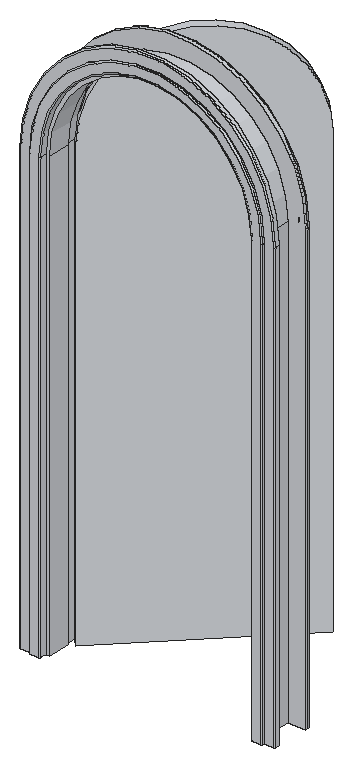
Revit family "10 - PortaApribile", category Porte, host Muro, Revit 2016
Family settings
  Host = Muro
  Numero OmniClass = 23.30.10.00
  Titolo OmniClass = Doors
  Sempre verticale = Sì
  Taglio con vuoti quando caricato = No
  Condiviso = No
  Punto di calcolo locali = No
Parameters
  LarghezzaPorta = Larghezza - 10 cm  # 90 cm
  Funzione = Interno
  Larghezza telaio = 7.5 cm
  Apertura [instance] = 45.00°
  Altezza = 200 cm
  Chiusura muro = Per host
  Larghezza = 100 cm
Reference planes (cm)
  plane 1: y = 0
  plane 2 "Centro (Sinistra/Destra)": x = 0
  plane 3 "Sinistra": x = -50
  plane 4 "Destra": x = 50
  plane 5: z = 200
  plane 6 "Esterno": y = 7.5
  plane 7 "Interno": y = -7.5
  plane 8: x = -49
  plane 9: x = -45
  plane 10: x = -46
  plane 11: y = 2.5
Forms (cm)
  Sweep 1, solid
    path in 3D
      loop
        line (-50, -7.5, 0) -> (-50, -7.5, 200)
        arc (-50, -7.5, 200) -> (0, -7.5, 250) -> (50, -7.5, 200) r 50
        line (50, -7.5, 200) -> (50, -7.5, 0)
    profile origin (-50, -7.5, 100) x (0, -1, 0) y (1, 0, 0)
      loop
        line (-10, 5) -> (-10, 4) -> (-15, 4) -> (-15, 1) -> (0, 1) -> (0, 5) -> (-10, 5)
  Sweep 2, solid
    path in 3D
      loop
        line (-50, -7.5, 0) -> (-50, -7.5, 200)
        arc (-50, -7.5, 200) -> (0, -7.5, 250) -> (50, -7.5, 200) r 50
        line (50, -7.5, 200) -> (50, -7.5, 0)
    profile "06 - FamigliaAnnidata1_Profilo : 06 - FamigliaAnnidata1_Profilo" origin (-50, -7.5, 100) x (0, -1, 0) y (1, 0, 0)
      loop
        line (0, 3) -> (0, -7) -> (1.5, -7)
        arc (1.5, -7) -> (1.8536, -6.8536) -> (2, -6.5) r 0.5
        line (2, -6.5) -> (2, -2) -> (2.5, -2)
        arc (2.5, -2) -> (2.8536, -1.8536) -> (3, -1.5) r 0.5
        line (3, -1.5) -> (3, 2.5)
        arc (3, 2.5) -> (2.8536, 2.8536) -> (2.5, 3) r 0.5
        line (2.5, 3) -> (0, 3)
  Sweep 3, solid
    path in 3D
      loop
        line (50, 7.5, 0) -> (50, 7.5, 200)
        arc (50, 7.5, 200) -> (0, 7.5, 250) -> (-50, 7.5, 200) r 50
        line (-50, 7.5, 200) -> (-50, 7.5, 0)
    profile "06 - FamigliaAnnidata1_Profilo : 06 - FamigliaAnnidata1_Profilo" origin (50, 7.5, 100) x (0, 1, 0) y (-1, 0, 0)
      loop
        line (0, 3) -> (0, -7) -> (1.5, -7)
        arc (1.5, -7) -> (1.8536, -6.8536) -> (2, -6.5) r 0.5
        line (2, -6.5) -> (2, -2) -> (2.5, -2)
        arc (2.5, -2) -> (2.8536, -1.8536) -> (3, -1.5) r 0.5
        line (3, -1.5) -> (3, 2.5)
        arc (3, 2.5) -> (2.8536, 2.8536) -> (2.5, 3) r 0.5
        line (2.5, 3) -> (0, 3)
Lines and regions (cm)
  Opening 1
    outline origin (-305, -7.5, 0) x (1, 0, 0) y (0, 0, 1)
      loop
        line (255, 0) -> (355, 0) -> (355, 200)
        arc (355, 200) -> (305, 250) -> (255, 200) r 50
        line (255, 200) -> (255, 0)
  symbolic lines, style "Rotazione prospetto"
    curve 1: line (50, -7.5, 100) -> (-50, -7.5, 200)
    curve 2: line (50, -7.5, 100) -> (-50, -7.5, 0)
  model lines
    curve 3: line (-49, -7.5, 0) -> (-49, 7.5, 0)
    curve 4: line (-49, 7.5, 0) -> (-46, 7.5, 0)
    curve 5: line (-46, 7.5, 0) -> (-46, 2.5, 0)
    curve 6: line (-46, 2.5, 0) -> (-45, 2.5, 0)
    curve 7: line (-45, 2.5, 0) -> (-45, -7.5, 0)
    curve 8: line (-45, -7.5, 0) -> (-49, -7.5, 0)
  sketch lines
    curve 9: line (-50, -7.5, 0) -> (-50, -7.5, 200)
    curve 10: arc (50, -7.5, 200) -> (0, -7.5, 250) -> (-50, -7.5, 200) r 50
    curve 11: line (50, -7.5, 200) -> (50, -7.5, 0)
    curve 12: line (-50, -7.5, 0) -> (-50, -7.5, 200)
    curve 13: arc (50, -7.5, 200) -> (0, -7.5, 250) -> (-50, -7.5, 200) r 50
    curve 14: line (50, -7.5, 200) -> (50, -7.5, 0)
    curve 15: line (50, 7.5, 0) -> (50, 7.5, 200)
    curve 16: arc (-50, 7.5, 200) -> (0, 7.5, 250) -> (50, 7.5, 200) r 50
    curve 17: line (-50, 7.5, 200) -> (-50, 7.5, 0)
  reference lines
    curve 18: line (-45, 7.5, 0) -> (18.6396, 71.1396, 0)
Text (cm)
  text "Esterno" at (-229.5016, 109.9543, 0), in view "Livello rif."
  text "Esterno" at (0, 161.538, 369.8081), in view "Sinistra"
  text "Esterno" at (0, 103.6032, 387.4932), in view "Destra"
Dimensions and locks (cm)
  equal spacing: plane 3 "Sinistra", plane 2 "Centro (Sinistra/Destra)", plane 4 "Destra"
  "Larghezza": plane 3 "Sinistra" to plane 4 "Destra"
  "Altezza": plane 5 to host wall
  equal spacing: host wall, curve 2, plane 5
  host wall to plane 5 = 200 cm
  locked: plane 6 "Esterno" to host wall at 0
  locked: plane 7 "Interno" to host wall
  locked: plane 3 "Sinistra" to plane 8 at 1
  locked: plane 3 "Sinistra" to plane 10 at 4
  locked: plane 3 "Sinistra" to plane 9 at 5
  locked: plane 6 "Esterno" to plane 11 at 5
  "LarghezzaPorta": curve 18 to curve 18
  "Apertura": angle plane 6 "Esterno" to curve 18
  aligned and locked: plane 3 "Sinistra" to Opening 1 sketch curve
  aligned and locked: Opening 1 sketch curve to plane 4 "Destra"
  aligned and locked: Opening 1 sketch curve to level
  aligned and locked: plane 5 to curve 1
  aligned and locked: plane 3 "Sinistra" to curve 2
  aligned and locked: plane 1 to host wall
  aligned and locked: plane 3 "Sinistra" to curve 1
  aligned and locked: curve 4 to host wall
  aligned and locked: plane 8 to curve 3
  aligned and locked: curve 8 to host wall
  aligned and locked: curve 7 to plane 9
  aligned and locked: curve 6 to plane 11
  aligned and locked: curve 5 to plane 10
  aligned and locked: Sweep 1 sketch curve to curve 7
  aligned and locked: Sweep 1 sketch curve to curve 8
  aligned and locked: Sweep 1 sketch curve to curve 3
  aligned and locked: Sweep 1 sketch curve to curve 4
  aligned and locked: Sweep 1 sketch curve to curve 5
  aligned and locked: plane 6 "Esterno" to curve 18
  aligned and locked: plane 9 to curve 18
  aligned and locked: nested 1 to curve 18
Automatic sketch dimensions
  plane 4 "Destra" to curve 2 = 0 cm
  curve 2 to level = 0 cm
  Opening 1 sketch curve to plane 5 = 0 cm
  Sweep 1 sketch curve to Sweep 1 sketch curve = 5 cm
Nested families (cm)
  nested 1: "08 - FamigliaAnnidata2_PannelloPorta" at (-45.62, 6.88, 0) x (0.7071, 0.7071, 0) z (0, 0, 1), type "08 - FamigliaAnnidata2_PannelloPorta"
    with Larghezza 90 cm, Altezza 200 cm
Definition of nested family "08 - FamigliaAnnidata2_PannelloPorta"
  Parameters (values of type "08 - FamigliaAnnidata2_PannelloPorta")
    Default Elevation = 121.92 cm
    Width = 88.2878 cm
    Height = 166.5405 cm
  Reference planes (cm)
    plane 1 "Centro (Fronte/Retro)": y = 0
    plane 2: z = 0
    plane 3 "Centro (Sinistra/Destra)": x = 0
    plane 4: z = 166.5405
    plane 5: x = 88.2878
  Forms (cm)
    Extrusion 1, solid
      sketch origin (0, 0, 0) x (1, 0, 0) y (0, 0, 1)
        loop
          line (0, 0) -> (88.2878, 0) -> (88.2878, 166.5405)
          arc (88.2878, 166.5405) -> (44.1439, 210.6844) -> (0, 166.5405) r 44.1439
          line (0, 166.5405) -> (0, 0)
      from 0 to 4
  Dimensions and locks (cm)
    "Width": plane 5 to plane 3 "Centro (Sinistra/Destra)"
    "Height": plane 4 to level
    aligned and locked: level to plane 2
    aligned and locked: plane 3 "Centro (Sinistra/Destra)" to Extrusion 1 sketch curve
    aligned and locked: plane 2 to Extrusion 1 sketch curve
    aligned and locked: Extrusion 1 sketch curve to plane 5
  Automatic sketch dimensions
    Extrusion 1 sketch curve to plane 4 = 0 cm
